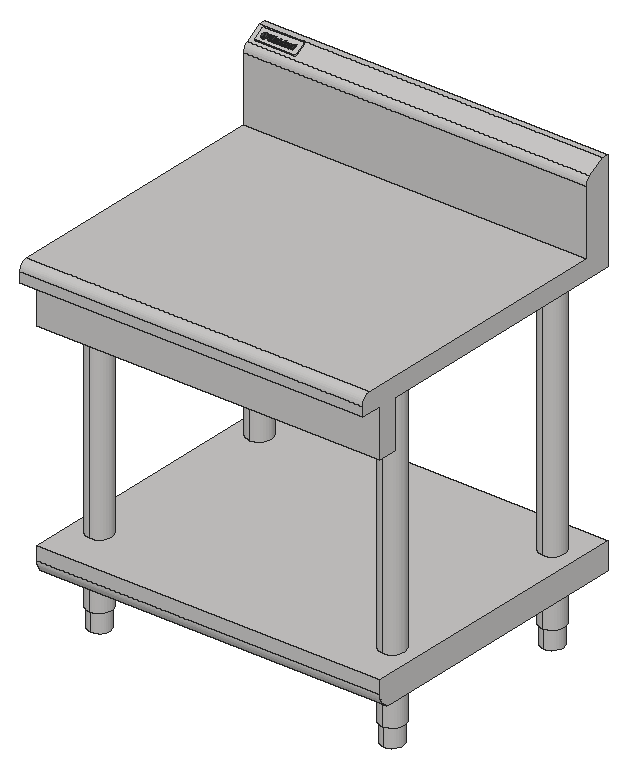
Revit family "QF_MOFFAT WALDORF_BT8900-LS", category Specialty Equipment, Revit 2012
Parameters
  Weight in Pounds = 154.3234  # constant formula
  Width [instance] = 900.00 mm  # constant formula
  URL Cutsheet = "www.moffat.com"
  URL = "www.moffat.com"
  Type Mark [instance] = ""
  Status [instance] = ""
  Specification by User [instance] = ""
  Specification by Manufacturer = ""
  Show Logo [instance] = yes
  Show Casters [instance] = no
  Serial Number = ""
  Seismic Rating = ""
  SMACNA No = ""
  Revision Code [instance] = ""
  Omniclass Number and Title = ""
  NAFEM Spec ID Number = ""
  Model = "BT8900-LS"
  Masterspec = ""
  Manufacturer = "MOFFAT WALDORF"
  Legs [instance] = not(Show Casters)  # yes
  Item Number [instance] = ""
  Installed By [instance] = ""
  Identify Quantity as Lot [instance] = yes
  Height = 1130.00 mm  # constant formula
  Furnished By [instance] = ""
  Foodservice Equipment Identifier [instance] = yes
  Description = "BENCH TOP ON LEG STAND"
  Depth [instance] = 805.00 mm  # constant formula
  CSI MasterFormat = ""
  CSI Master Format = ""
  Back Splash [instance] = 215.00 mm  # constant formula
Reference planes
  plane 1 "BACK": y = 0
  plane 2: z = 0
  plane 3 "LEFT": x = 0
  plane 4 "RIGHT": x = 900
  plane 5 "FRONT": y = -805
  plane 6 "TOP": z = 1130
  plane 7 "Center Y": x = 450
  plane 8 "Center X": y = -402.5
  plane 9 "Base Height": z = 150
  plane 10: z = 915
  plane 11: x = 65
  plane 12: x = 834
  plane 13: y = -625
  plane 14: y = -100
Forms (mm)
  Extrusion 1, solid, material "QF_Finishes_Stainless Steel"
    sketch origin (0, 0, 0) x (0, 1, 0) y (0, 0, 1)
      loop
        line (0, 222.5) -> (-749, 222.5) -> (-749, 188)
        arc (-749, 188) -> (-737.87, 161.13) -> (-711, 150) r 38
        line (-711, 150) -> (0, 150) -> (0, 222.5)
      loop
        line (-805, 891) -> (-805, 866) -> (-749, 866) -> (-749, 740) -> (-699, 740) -> (-699, 866) -> (0, 866) -> (0, 1130) -> (-16.5, 1130) -> (-58, 1106.04)
        arc (-58, 1106.04) -> (-66.785, 1097.255) -> (-70, 1085.255) r 24
        line (-70, 1085.255) -> (-70, 915) -> (-781, 915)
        arc (-781, 915) -> (-797.971, 907.971) -> (-805, 891) r 24
    from 0 to 900
  Extrusion 2, solid, material "QF_Finishes_Stainless Steel"
    sketch origin (0, -699, 222.5) x (0, -1, 0) y (1, 0, 0)
      loop
        circle (-599, 65) r 31.75
      loop
        circle (-599, 834) r 31.75
      loop
        circle (-74, 65) r 31.75
      loop
        circle (-74, 834) r 31.75
    from 0 to 643.5
  Revolve 3, solid, material "QF_Finishes_Stainless Steel", visible <- "Legs"
    sketch origin (834, -210, 0) x (0, 1, 0) y (0, 0, -1)
      loop
        line (78.25, -150) -> (110, -150) -> (110, 0) -> (82.5, 0) -> (82.5, -50) -> (78.25, -50) -> (78.25, -150)
      axis (110, -150) -> (110, 0)
    angle from 0 to 360
  Revolve 4, solid, material "QF_Finishes_Stainless Steel"
    sketch origin (834, -735, 0) x (0, 1, 0) y (0, 0, -1)
      loop
        line (78.25, -150) -> (110, -150) -> (110, 0) -> (82.5, 0) -> (82.5, -50) -> (78.25, -50) -> (78.25, -150)
      axis (110, -150) -> (110, 0)
    angle from 0 to 360
  Revolve 5, solid, material "QF_Finishes_Stainless Steel", visible <- "Legs"
    sketch origin (65, -210, 0) x (0, 1, 0) y (0, 0, -1)
      loop
        line (78.25, -150) -> (110, -150) -> (110, 0) -> (82.5, 0) -> (82.5, -50) -> (78.25, -50) -> (78.25, -150)
      axis (110, -150) -> (110, 0)
    angle from 0 to 360
  Revolve 6, solid, material "QF_Finishes_Stainless Steel"
    sketch origin (65, -735, 0) x (0, 1, 0) y (0, 0, -1)
      loop
        line (78.25, -150) -> (110, -150) -> (110, 0) -> (82.5, 0) -> (82.5, -50) -> (78.25, -50) -> (78.25, -150)
      axis (110, -150) -> (110, 0)
    angle from 0 to 360
Lines and regions (mm)
  Split face 1
    outline origin (0, -16.5, 1130) x (0, -0.866025, -0.5) y (1, 0, 0)
      loop
        line (1.962, 129.583) -> (34.599, 129.583) -> (34.599, 149.583) -> (1.962, 149.583) -> (1.962, 129.583)
  Split face 2
    outline origin (0, -16.5, 1130) x (0, -0.866025, -0.5) y (1, 0, 0)
      loop
        line (34.599, 156.5) -> (34.599, 176.5) -> (1.962, 176.5) -> (1.962, 156.5) -> (34.599, 156.5)
  Split face 3
    outline origin (0, -16.5, 1130) x (0, -0.866025, -0.5) y (1, 0, 0)
      loop
        line (34.599, 203.5) -> (1.962, 203.5) -> (1.962, 183.5) -> (34.599, 183.5) -> (34.599, 203.5)
  Split face 4
    outline origin (0, -16.5, 1130) x (0, -0.866025, -0.5) y (1, 0, 0)
      loop
        line (34.599, 230.5) -> (1.962, 230.5) -> (1.962, 210.5) -> (34.599, 210.5) -> (34.599, 230.5)
  Split face 5
    outline origin (0, -16.5, 1130) x (0, -0.866025, -0.5) y (1, 0, 0)
      loop
        line (34.599, 257.5) -> (1.962, 257.5) -> (1.962, 237.5) -> (34.599, 237.5) -> (34.599, 257.5)
  Split face 6
    outline origin (0, -16.5, 1130) x (0, -0.866025, -0.5) y (1, 0, 0)
      loop
        line (34.599, 264.5) -> (34.599, 284.5) -> (1.962, 284.5) -> (1.962, 264.5) -> (34.599, 264.5)
  Split face 7
    outline origin (0, -16.5, 1130) x (0, -0.866025, -0.5) y (1, 0, 0)
      loop
        line (34.599, 311.5) -> (1.962, 311.5) -> (1.962, 291.5) -> (34.599, 291.5) -> (34.599, 311.5)
  Split face 8
    outline origin (0, -16.5, 1130) x (0, -0.866025, -0.5) y (1, 0, 0)
      loop
        line (1.962, 338.5) -> (1.962, 318.5) -> (34.599, 318.5) -> (34.599, 338.5) -> (1.962, 338.5)
  Split face 9
    outline origin (0, -16.5, 1130) x (0, -0.866025, -0.5) y (1, 0, 0)
      loop
        line (1.962, 345.5) -> (34.599, 345.5) -> (34.599, 365.5) -> (1.962, 365.5) -> (1.962, 345.5)
  Split face 10
    outline origin (0, -16.5, 1130) x (0, -0.866025, -0.5) y (1, 0, 0)
      loop
        line (34.599, 372.5) -> (34.599, 392.5) -> (1.962, 392.5) -> (1.962, 372.5) -> (34.599, 372.5)
  Split face 11
    outline origin (0, -16.5, 1130) x (0, -0.866025, -0.5) y (1, 0, 0)
      loop
        line (34.599, 399.5) -> (34.599, 419.5) -> (1.962, 419.5) -> (1.962, 399.5) -> (34.599, 399.5)
  Split face 12
    outline origin (0, -16.5, 1130) x (0, -0.866025, -0.5) y (1, 0, 0)
      loop
        line (34.599, 426.5) -> (34.599, 446.5) -> (1.962, 446.5) -> (1.962, 426.5) -> (34.599, 426.5)
  Split face 13
    outline origin (0, -16.5, 1130) x (0, -0.866025, -0.5) y (1, 0, 0)
      loop
        line (1.962, 453.5) -> (34.599, 453.5) -> (34.599, 473.5) -> (1.962, 473.5) -> (1.962, 453.5)
  Split face 14
    outline origin (0, -16.5, 1130) x (0, -0.866025, -0.5) y (1, 0, 0)
      loop
        line (1.962, 500.5) -> (1.962, 480.5) -> (34.599, 480.5) -> (34.599, 500.5) -> (1.962, 500.5)
  Split face 15
    outline origin (0, -16.5, 1130) x (0, -0.866025, -0.5) y (1, 0, 0)
      loop
        line (34.599, 527.5) -> (1.962, 527.5) -> (1.962, 507.5) -> (34.599, 507.5) -> (34.599, 527.5)
  Split face 16
    outline origin (0, -16.5, 1130) x (0, -0.866025, -0.5) y (1, 0, 0)
      loop
        line (34.599, 534.5) -> (34.599, 554.5) -> (1.962, 554.5) -> (1.962, 534.5) -> (34.599, 534.5)
  Split face 17
    outline origin (0, -16.5, 1130) x (0, -0.866025, -0.5) y (1, 0, 0)
      loop
        line (34.599, 581.5) -> (1.962, 581.5) -> (1.962, 561.5) -> (34.599, 561.5) -> (34.599, 581.5)
  Split face 18
    outline origin (0, -16.5, 1130) x (0, -0.866025, -0.5) y (1, 0, 0)
      loop
        line (34.599, 588.5) -> (34.599, 608.5) -> (1.962, 608.5) -> (1.962, 588.5) -> (34.599, 588.5)
  Split face 19
    outline origin (0, -16.5, 1130) x (0, -0.866025, -0.5) y (1, 0, 0)
      loop
        line (34.599, 615.5) -> (34.599, 635.5) -> (1.962, 635.5) -> (1.962, 615.5) -> (34.599, 615.5)
  Split face 20
    outline origin (0, -16.5, 1130) x (0, -0.866025, -0.5) y (1, 0, 0)
      loop
        line (34.599, 662.5) -> (1.962, 662.5) -> (1.962, 642.5) -> (34.599, 642.5) -> (34.599, 662.5)
  Split face 21
    outline origin (0, -16.5, 1130) x (0, -0.866025, -0.5) y (1, 0, 0)
      loop
        line (34.599, 669.5) -> (34.599, 689.5) -> (1.962, 689.5) -> (1.962, 669.5) -> (34.599, 669.5)
  Split face 22
    outline origin (0, -16.5, 1130) x (0, -0.866025, -0.5) y (1, 0, 0)
      loop
        line (34.599, 696.5) -> (34.599, 716.5) -> (1.962, 716.5) -> (1.962, 696.5) -> (34.599, 696.5)
  Split face 23
    outline origin (0, -16.5, 1130) x (0, -0.866025, -0.5) y (1, 0, 0)
      loop
        line (34.599, 743.5) -> (1.962, 743.5) -> (1.962, 723.5) -> (34.599, 723.5) -> (34.599, 743.5)
  Split face 24
    outline origin (0, -16.5, 1130) x (0, -0.866025, -0.5) y (1, 0, 0)
      loop
        line (1.962, 750.5) -> (34.599, 750.5) -> (34.599, 770.5) -> (1.962, 770.5) -> (1.962, 750.5)
  symbolic lines
    curve 1: line (0, 0, 0) -> (0, -805, 0)
    curve 2: line (900, 0, 0) -> (0, 0, 0)
    curve 3: line (900, -805, 0) -> (900, 0, 0)
    curve 4: line (0, -70, 0) -> (900, -70, 0)
    curve 5: line (0, -805, 0) -> (900, -805, 0)
    curve 6: line (129.583, -21.949, 0) -> (129.583, -50.213, 0)
    curve 7: line (129.583, -50.213, 0) -> (149.583, -50.213, 0)
    curve 8: line (149.583, -50.213, 0) -> (149.583, -21.949, 0)
    curve 9: line (149.583, -21.949, 0) -> (129.583, -21.949, 0)
    curve 10: line (156.5, -21.949, 0) -> (156.5, -50.213, 0)
    curve 11: line (156.5, -50.213, 0) -> (176.5, -50.213, 0)
    curve 12: line (176.5, -50.213, 0) -> (176.5, -21.949, 0)
    curve 13: line (176.5, -21.949, 0) -> (156.5, -21.949, 0)
    curve 14: line (183.5, -21.949, 0) -> (183.5, -50.213, 0)
    curve 15: line (183.5, -50.213, 0) -> (203.5, -50.213, 0)
    curve 16: line (203.5, -50.213, 0) -> (203.5, -21.949, 0)
    curve 17: line (203.5, -21.949, 0) -> (183.5, -21.949, 0)
    curve 18: line (210.5, -21.949, 0) -> (210.5, -50.213, 0)
    curve 19: line (210.5, -50.213, 0) -> (230.5, -50.213, 0)
    curve 20: line (230.5, -50.213, 0) -> (230.5, -21.949, 0)
    curve 21: line (230.5, -21.949, 0) -> (210.5, -21.949, 0)
    curve 22: line (237.5, -21.949, 0) -> (237.5, -50.213, 0)
    curve 23: line (237.5, -50.213, 0) -> (257.5, -50.213, 0)
    curve 24: line (257.5, -50.213, 0) -> (257.5, -21.949, 0)
    curve 25: line (257.5, -21.949, 0) -> (237.5, -21.949, 0)
    curve 26: line (264.5, -21.949, 0) -> (264.5, -50.213, 0)
    curve 27: line (264.5, -50.213, 0) -> (284.5, -50.213, 0)
    curve 28: line (284.5, -50.213, 0) -> (284.5, -21.949, 0)
    curve 29: line (284.5, -21.949, 0) -> (264.5, -21.949, 0)
    curve 30: line (291.5, -21.949, 0) -> (291.5, -50.213, 0)
    curve 31: line (291.5, -50.213, 0) -> (311.5, -50.213, 0)
    curve 32: line (311.5, -50.213, 0) -> (311.5, -21.949, 0)
    curve 33: line (311.5, -21.949, 0) -> (291.5, -21.949, 0)
    curve 34: line (318.5, -21.949, 0) -> (318.5, -50.213, 0)
    curve 35: line (318.5, -50.213, 0) -> (338.5, -50.213, 0)
    curve 36: line (338.5, -50.213, 0) -> (338.5, -21.949, 0)
    curve 37: line (338.5, -21.949, 0) -> (318.5, -21.949, 0)
    curve 38: line (345.5, -21.949, 0) -> (345.5, -50.213, 0)
    curve 39: line (345.5, -50.213, 0) -> (365.5, -50.213, 0)
    curve 40: line (365.5, -50.213, 0) -> (365.5, -21.949, 0)
    curve 41: line (365.5, -21.949, 0) -> (345.5, -21.949, 0)
    curve 42: line (372.5, -21.949, 0) -> (372.5, -50.213, 0)
    curve 43: line (372.5, -50.213, 0) -> (392.5, -50.213, 0)
    curve 44: line (392.5, -50.213, 0) -> (392.5, -21.949, 0)
    curve 45: line (392.5, -21.949, 0) -> (372.5, -21.949, 0)
    curve 46: line (399.5, -21.949, 0) -> (399.5, -50.213, 0)
    curve 47: line (399.5, -50.213, 0) -> (419.5, -50.213, 0)
    curve 48: line (419.5, -50.213, 0) -> (419.5, -21.949, 0)
    curve 49: line (419.5, -21.949, 0) -> (399.5, -21.949, 0)
    curve 50: line (426.5, -21.949, 0) -> (426.5, -50.213, 0)
    curve 51: line (426.5, -50.213, 0) -> (446.5, -50.213, 0)
    curve 52: line (446.5, -50.213, 0) -> (446.5, -21.949, 0)
    curve 53: line (446.5, -21.949, 0) -> (426.5, -21.949, 0)
    curve 54: line (453.5, -21.949, 0) -> (453.5, -50.213, 0)
    curve 55: line (453.5, -50.213, 0) -> (473.5, -50.213, 0)
    curve 56: line (473.5, -50.213, 0) -> (473.5, -21.949, 0)
    curve 57: line (473.5, -21.949, 0) -> (453.5, -21.949, 0)
    curve 58: line (480.5, -21.949, 0) -> (480.5, -50.213, 0)
    curve 59: line (480.5, -50.213, 0) -> (500.5, -50.213, 0)
    curve 60: line (500.5, -50.213, 0) -> (500.5, -21.949, 0)
    curve 61: line (500.5, -21.949, 0) -> (480.5, -21.949, 0)
    curve 62: line (507.5, -21.949, 0) -> (507.5, -50.213, 0)
    curve 63: line (507.5, -50.213, 0) -> (527.5, -50.213, 0)
    curve 64: line (527.5, -50.213, 0) -> (527.5, -21.949, 0)
    curve 65: line (527.5, -21.949, 0) -> (507.5, -21.949, 0)
    curve 66: line (534.5, -21.949, 0) -> (534.5, -50.213, 0)
    curve 67: line (534.5, -50.213, 0) -> (554.5, -50.213, 0)
    curve 68: line (554.5, -50.213, 0) -> (554.5, -21.949, 0)
    curve 69: line (554.5, -21.949, 0) -> (534.5, -21.949, 0)
    curve 70: line (561.5, -21.949, 0) -> (561.5, -50.213, 0)
    curve 71: line (561.5, -50.213, 0) -> (581.5, -50.213, 0)
    curve 72: line (581.5, -50.213, 0) -> (581.5, -21.949, 0)
    curve 73: line (581.5, -21.949, 0) -> (561.5, -21.949, 0)
    curve 74: line (588.5, -21.949, 0) -> (588.5, -50.213, 0)
    curve 75: line (588.5, -50.213, 0) -> (608.5, -50.213, 0)
    curve 76: line (608.5, -50.213, 0) -> (608.5, -21.949, 0)
    curve 77: line (608.5, -21.949, 0) -> (588.5, -21.949, 0)
    curve 78: line (615.5, -21.949, 0) -> (615.5, -50.213, 0)
    curve 79: line (615.5, -50.213, 0) -> (635.5, -50.213, 0)
    curve 80: line (635.5, -50.213, 0) -> (635.5, -21.949, 0)
    curve 81: line (635.5, -21.949, 0) -> (615.5, -21.949, 0)
    curve 82: line (642.5, -21.949, 0) -> (642.5, -50.213, 0)
    curve 83: line (642.5, -50.213, 0) -> (662.5, -50.213, 0)
    curve 84: line (662.5, -50.213, 0) -> (662.5, -21.949, 0)
    curve 85: line (662.5, -21.949, 0) -> (642.5, -21.949, 0)
    curve 86: line (669.5, -21.949, 0) -> (669.5, -50.213, 0)
    curve 87: line (669.5, -50.213, 0) -> (689.5, -50.213, 0)
    curve 88: line (689.5, -50.213, 0) -> (689.5, -21.949, 0)
    curve 89: line (689.5, -21.949, 0) -> (669.5, -21.949, 0)
    curve 90: line (696.5, -21.949, 0) -> (696.5, -50.213, 0)
    curve 91: line (696.5, -50.213, 0) -> (716.5, -50.213, 0)
    curve 92: line (716.5, -50.213, 0) -> (716.5, -21.949, 0)
    curve 93: line (716.5, -21.949, 0) -> (696.5, -21.949, 0)
    curve 94: line (723.5, -21.949, 0) -> (723.5, -50.213, 0)
    curve 95: line (723.5, -50.213, 0) -> (743.5, -50.213, 0)
    curve 96: line (743.5, -50.213, 0) -> (743.5, -21.949, 0)
    curve 97: line (743.5, -21.949, 0) -> (723.5, -21.949, 0)
    curve 98: line (750.5, -21.949, 0) -> (750.5, -50.213, 0)
    curve 99: line (750.5, -50.213, 0) -> (770.5, -50.213, 0)
    curve 100: line (770.5, -50.213, 0) -> (770.5, -21.949, 0)
    curve 101: line (770.5, -21.949, 0) -> (750.5, -21.949, 0)
    curve 102: line (121.5, -20.958, 0) -> (121.5, -51.234, 0)
    curve 103: line (12.5, -51.234, 0) -> (12.5, -20.958, 0)
    curve 104: line (12.5, -20.958, 0) -> (121.5, -20.958, 0)
    curve 105: line (12.5, -51.234, 0) -> (121.5, -51.234, 0)
Dimensions and locks
  equal spacing: plane 3 "LEFT", plane 7 "Center Y", plane 4 "RIGHT"
  "Width": plane 3 "LEFT" to plane 4 "RIGHT"
  equal spacing: plane 5 "FRONT", plane 8 "Center X", plane 1 "BACK"
  "Depth": plane 5 "FRONT" to plane 1 "BACK"
  locked: plane 10 to level at 915
  locked: plane 9 "Base Height" to level at 150
  plane 6 "TOP" to nested 1 to nested 1 to plane 10 = 1.099 mm locked, 17.226 mm locked, 196.675 mm
  plane 13 to plane 14 = 525.00 mm
  plane 12 to plane 11 = 769.00 mm
  "Height": plane 6 "TOP" to level
  aligned and locked: level to plane 2
Automatic sketch dimensions
  Extrusion 1 sketch curve to plane 5 "FRONT" = 0.00 mm
  Extrusion 1 sketch curve to plane 10 = 0.00 mm
  Extrusion 1 sketch curve to plane 9 "Base Height" = 0.00 mm
  Extrusion 1 sketch curve to plane 6 "TOP" = 0.00 mm
  Extrusion 1 sketch curve to plane 1 "BACK" = 0.00 mm  (x2)
  Extrusion 1 sketch curve to plane 5 "FRONT" = 24.00 mm
  Extrusion 1 sketch curve to Extrusion 1 sketch curve = 32.00 mm
  Extrusion 1 sketch curve to plane 5 "FRONT" = 56.00 mm
  Extrusion 1 sketch curve to Extrusion 1 sketch curve = 38.00 mm
  Extrusion 1 sketch curve to Extrusion 1 sketch curve = 50.00 mm
  plane 14 to Extrusion 1 sketch curve = 30.00 mm
  Extrusion 1 sketch curve to plane 6 "TOP" = 23.96 mm
  Extrusion 1 sketch curve to Extrusion 1 sketch curve = 12.00 mm  (x2)
  Extrusion 1 sketch curve to Extrusion 1 sketch curve = 16.50 mm
  Extrusion 1 sketch curve to Extrusion 1 sketch curve = 34.50 mm
  Extrusion 1 sketch curve to Extrusion 1 sketch curve = 151.00 mm
  Extrusion 1 sketch curve to Extrusion 1 sketch curve = 25.00 mm
  Extrusion 1 sketch curve to plane 10 = 49.00 mm
  Extrusion 2 sketch curve to Extrusion 2 sketch curve = 0.00 mm  (x8)
  Extrusion 1 to Extrusion 2 sketch curve = 68.25 mm  (x2)
  Extrusion 2 sketch curve to Extrusion 2 sketch curve = 31.75 mm  (x4)
  Extrusion 1 to Extrusion 2 sketch curve = 155.75 mm  (x2)
  Extrusion 1 to Extrusion 2 sketch curve = 65.00 mm  (x2)
  Extrusion 1 to Extrusion 2 sketch curve = 66.00 mm  (x2)
  Revolve 3 sketch curve to plane 9 "Base Height" = 0.00 mm
  Revolve 3 sketch curve to level = 0.00 mm
  Revolve 3 sketch curve to plane 14 = 0.00 mm  (x2)
  Revolve 3 sketch curve to plane 14 = 27.50 mm
  Revolve 3 sketch curve to plane 14 = 31.75 mm
  level to Revolve 3 sketch curve = 50.00 mm
  Revolve 3 sketch curve to Revolve 3 sketch curve = 0.00 mm
  Revolve 3 sketch curve to Revolve 3 sketch curve = 55.00 mm
  Revolve 4 sketch curve to plane 9 "Base Height" = 0.00 mm
  Revolve 4 sketch curve to level = 0.00 mm
  Revolve 4 sketch curve to plane 13 = 0.00 mm  (x2)
  Revolve 4 sketch curve to plane 13 = 27.50 mm
  Revolve 4 sketch curve to plane 13 = 31.75 mm
  level to Revolve 4 sketch curve = 50.00 mm
  Revolve 4 sketch curve to Revolve 4 sketch curve = 0.00 mm
  Revolve 4 sketch curve to Revolve 4 sketch curve = 55.00 mm
  Revolve 5 sketch curve to plane 9 "Base Height" = 0.00 mm
  Revolve 5 sketch curve to level = 0.00 mm
  Revolve 5 sketch curve to plane 14 = 0.00 mm  (x2)
  Revolve 5 sketch curve to plane 14 = 27.50 mm
  Revolve 5 sketch curve to plane 14 = 31.75 mm
  level to Revolve 5 sketch curve = 50.00 mm
  Revolve 5 sketch curve to Revolve 5 sketch curve = 0.00 mm
  Revolve 5 sketch curve to Revolve 5 sketch curve = 55.00 mm
  Revolve 6 sketch curve to plane 9 "Base Height" = 0.00 mm
  Revolve 6 sketch curve to level = 0.00 mm
  Revolve 6 sketch curve to plane 13 = 0.00 mm  (x2)
  Revolve 6 sketch curve to plane 13 = 27.50 mm
  Revolve 6 sketch curve to plane 13 = 31.75 mm
  level to Revolve 6 sketch curve = 50.00 mm
  Revolve 6 sketch curve to Revolve 6 sketch curve = 0.00 mm
  Revolve 6 sketch curve to Revolve 6 sketch curve = 55.00 mm
  Extrusion 1 to Split face 1 sketch curve = 1.962 mm
  Split face 1 sketch curve to Extrusion 1 = 13.322 mm
  Split face 1 sketch curve to Extrusion 1 = 129.583 mm
  Split face 1 sketch curve to Split face 1 sketch curve = 20.00 mm
  Extrusion 1 to Split face 2 sketch curve = 1.962 mm
  Split face 2 sketch curve to Extrusion 1 = 13.322 mm
  Split face 2 sketch curve to Extrusion 1 = 156.50 mm
  Split face 2 sketch curve to Split face 2 sketch curve = 20.00 mm
  Extrusion 1 to Split face 3 sketch curve = 1.962 mm
  Split face 3 sketch curve to Extrusion 1 = 13.322 mm
  Split face 3 sketch curve to Extrusion 1 = 183.50 mm
  Split face 3 sketch curve to Split face 3 sketch curve = 20.00 mm
  Extrusion 1 to Split face 4 sketch curve = 1.962 mm
  Split face 4 sketch curve to Extrusion 1 = 13.322 mm
  Split face 4 sketch curve to Extrusion 1 = 210.50 mm
  Split face 4 sketch curve to Split face 4 sketch curve = 20.00 mm
  Extrusion 1 to Split face 5 sketch curve = 1.962 mm
  Split face 5 sketch curve to Extrusion 1 = 13.322 mm
  Split face 5 sketch curve to Extrusion 1 = 237.50 mm
  Split face 5 sketch curve to Split face 5 sketch curve = 20.00 mm
  Extrusion 1 to Split face 6 sketch curve = 1.962 mm
  Split face 6 sketch curve to Extrusion 1 = 13.322 mm
  Split face 6 sketch curve to Extrusion 1 = 264.50 mm
  Split face 6 sketch curve to Split face 6 sketch curve = 20.00 mm
  Extrusion 1 to Split face 7 sketch curve = 1.962 mm
  Split face 7 sketch curve to Extrusion 1 = 13.322 mm
  Split face 7 sketch curve to Extrusion 1 = 291.50 mm
  Split face 7 sketch curve to Split face 7 sketch curve = 20.00 mm
  Extrusion 1 to Split face 8 sketch curve = 1.962 mm
  Split face 8 sketch curve to Extrusion 1 = 13.322 mm
  Split face 8 sketch curve to Extrusion 1 = 318.50 mm
  Split face 8 sketch curve to Split face 8 sketch curve = 20.00 mm
  Extrusion 1 to Split face 9 sketch curve = 1.962 mm
  Split face 9 sketch curve to Extrusion 1 = 13.322 mm
  Split face 9 sketch curve to Extrusion 1 = 345.50 mm
  Split face 9 sketch curve to Split face 9 sketch curve = 20.00 mm
  Extrusion 1 to Split face 10 sketch curve = 1.962 mm
  Split face 10 sketch curve to Extrusion 1 = 13.322 mm
  Split face 10 sketch curve to Extrusion 1 = 372.50 mm
  Split face 10 sketch curve to Split face 10 sketch curve = 20.00 mm
  Extrusion 1 to Split face 11 sketch curve = 1.962 mm
  Split face 11 sketch curve to Extrusion 1 = 13.322 mm
  Split face 11 sketch curve to Extrusion 1 = 399.50 mm
  Split face 11 sketch curve to Split face 11 sketch curve = 20.00 mm
  Extrusion 1 to Split face 12 sketch curve = 1.962 mm
  Split face 12 sketch curve to Extrusion 1 = 13.322 mm
  Split face 12 sketch curve to Extrusion 1 = 426.50 mm
  Split face 12 sketch curve to Split face 12 sketch curve = 20.00 mm
  Extrusion 1 to Split face 13 sketch curve = 1.962 mm
  Split face 13 sketch curve to Extrusion 1 = 13.322 mm
  Split face 13 sketch curve to Extrusion 1 = 453.50 mm
  Split face 13 sketch curve to Split face 13 sketch curve = 20.00 mm
  Extrusion 1 to Split face 14 sketch curve = 1.962 mm
  Split face 14 sketch curve to Extrusion 1 = 13.322 mm
  Split face 14 sketch curve to Extrusion 1 = 419.50 mm
  Split face 14 sketch curve to Split face 14 sketch curve = 20.00 mm
  Extrusion 1 to Split face 15 sketch curve = 1.962 mm
  Split face 15 sketch curve to Extrusion 1 = 13.322 mm
  Split face 15 sketch curve to Extrusion 1 = 392.50 mm
  Split face 15 sketch curve to Split face 15 sketch curve = 20.00 mm
  Extrusion 1 to Split face 16 sketch curve = 1.962 mm
  Split face 16 sketch curve to Extrusion 1 = 13.322 mm
  Split face 16 sketch curve to Extrusion 1 = 365.50 mm
  Split face 16 sketch curve to Split face 16 sketch curve = 20.00 mm
  Extrusion 1 to Split face 17 sketch curve = 1.962 mm
  Split face 17 sketch curve to Extrusion 1 = 13.322 mm
  Split face 17 sketch curve to Extrusion 1 = 338.50 mm
  Split face 17 sketch curve to Split face 17 sketch curve = 20.00 mm
  Extrusion 1 to Split face 18 sketch curve = 1.962 mm
  Split face 18 sketch curve to Extrusion 1 = 13.322 mm
  Split face 18 sketch curve to Extrusion 1 = 311.50 mm
  Split face 18 sketch curve to Split face 18 sketch curve = 20.00 mm
  Extrusion 1 to Split face 19 sketch curve = 1.962 mm
  Split face 19 sketch curve to Extrusion 1 = 13.322 mm
  Split face 19 sketch curve to Extrusion 1 = 284.50 mm
  Split face 19 sketch curve to Split face 19 sketch curve = 20.00 mm
  Extrusion 1 to Split face 20 sketch curve = 1.962 mm
  Split face 20 sketch curve to Extrusion 1 = 13.322 mm
  Split face 20 sketch curve to Extrusion 1 = 257.50 mm
  Split face 20 sketch curve to Split face 20 sketch curve = 20.00 mm
  Extrusion 1 to Split face 21 sketch curve = 1.962 mm
  Split face 21 sketch curve to Extrusion 1 = 13.322 mm
  Split face 21 sketch curve to Extrusion 1 = 230.50 mm
  Split face 21 sketch curve to Split face 21 sketch curve = 20.00 mm
  Extrusion 1 to Split face 22 sketch curve = 1.962 mm
  Split face 22 sketch curve to Extrusion 1 = 13.322 mm
  Split face 22 sketch curve to Extrusion 1 = 203.50 mm
  Split face 22 sketch curve to Split face 22 sketch curve = 20.00 mm
  Extrusion 1 to Split face 23 sketch curve = 1.962 mm
  Split face 23 sketch curve to Extrusion 1 = 13.322 mm
  Split face 23 sketch curve to Extrusion 1 = 176.50 mm
  Split face 23 sketch curve to Split face 23 sketch curve = 20.00 mm
  Extrusion 1 to Split face 24 sketch curve = 1.962 mm
  Split face 24 sketch curve to Extrusion 1 = 13.322 mm
  Split face 24 sketch curve to Extrusion 1 = 149.50 mm
  Split face 24 sketch curve to Split face 24 sketch curve = 20.00 mm
  curve 1 to plane 3 "LEFT" = 0.00 mm
  plane 1 "BACK" to curve 3 = 0.00 mm
  curve 3 to plane 4 "RIGHT" = 0.00 mm
  plane 5 "FRONT" to curve 1 = 0.00 mm
  plane 3 "LEFT" to curve 104 = 12.50 mm
  plane 1 "BACK" to curve 104 = 20.958 mm
  plane 11 to curve 104 = 56.50 mm
  curve 102 to curve 6 = 8.083 mm
  curve 6 to curve 9 = 20.00 mm
  curve 7 to curve 11 = 6.917 mm
  curve 10 to curve 13 = 20.00 mm
  curve 11 to curve 15 = 7.00 mm
  curve 14 to curve 17 = 20.00 mm
  curve 15 to curve 19 = 7.00 mm
  curve 18 to curve 19 = 20.00 mm
  curve 20 to curve 22 = 7.00 mm
  curve 22 to curve 25 = 20.00 mm
  curve 23 to curve 26 = 7.00 mm
  curve 26 to curve 29 = 20.00 mm
  curve 28 to curve 30 = 7.00 mm
  curve 30 to curve 33 = 20.00 mm
  curve 31 to curve 35 = 7.00 mm
  curve 34 to curve 37 = 20.00 mm
  curve 36 to curve 38 = 7.00 mm
  curve 38 to curve 40 = 20.00 mm
  curve 39 to curve 43 = 7.00 mm
  curve 42 to curve 45 = 20.00 mm
  curve 44 to curve 46 = 7.00 mm
  curve 46 to curve 48 = 20.00 mm
  curve 47 to curve 51 = 7.00 mm
  curve 53 to plane 7 "Center Y" = 3.50 mm
  plane 7 "Center Y" to curve 55 = 3.50 mm
  curve 54 to curve 57 = 20.00 mm
  curve 55 to curve 59 = 7.00 mm
  curve 58 to curve 61 = 20.00 mm
  curve 59 to curve 63 = 7.00 mm
  curve 62 to curve 65 = 20.00 mm
  curve 63 to curve 67 = 7.00 mm
  curve 66 to curve 68 = 20.00 mm
  curve 67 to curve 70 = 7.00 mm
  curve 70 to curve 73 = 20.00 mm
  curve 71 to curve 75 = 7.00 mm
  curve 74 to curve 77 = 20.00 mm
  curve 75 to curve 78 = 7.00 mm
  curve 78 to curve 81 = 20.00 mm
  curve 79 to curve 83 = 7.00 mm
  curve 82 to curve 85 = 20.00 mm
  curve 83 to curve 87 = 7.00 mm
  curve 86 to curve 89 = 20.00 mm
  curve 87 to curve 91 = 7.00 mm
  curve 90 to curve 92 = 20.00 mm
  curve 92 to curve 94 = 7.00 mm
  curve 94 to curve 97 = 20.00 mm
  curve 96 to curve 98 = 7.00 mm
  curve 98 to curve 101 = 20.00 mm
  plane 14 to curve 4 = 30.00 mm
  curve 4 to curve 103 = 18.766 mm
  curve 105 to curve 6 = 1.021 mm
  plane 1 "BACK" to curve 55 = 50.213 mm
  plane 1 "BACK" to curve 100 = 50.213 mm
  curve 7 to curve 10 = 0.00 mm
  curve 96 to curve 98 = 0.00 mm  (x2)
  curve 11 to curve 14 = 0.00 mm
  curve 92 to curve 94 = 0.00 mm  (x2)
  curve 15 to curve 18 = 0.00 mm
  curve 88 to curve 90 = 0.00 mm  (x2)
  curve 19 to curve 22 = 0.00 mm
  curve 84 to curve 86 = 0.00 mm  (x2)
  curve 23 to curve 26 = 0.00 mm
  curve 80 to curve 82 = 0.00 mm  (x2)
  curve 27 to curve 30 = 0.00 mm
  curve 76 to curve 78 = 0.00 mm  (x2)
  curve 31 to curve 34 = 0.00 mm
  curve 72 to curve 74 = 0.00 mm  (x2)
  curve 35 to curve 38 = 0.00 mm
  curve 68 to curve 70 = 0.00 mm  (x2)
  curve 39 to curve 42 = 0.00 mm
  curve 64 to curve 66 = 0.00 mm  (x2)
  curve 43 to curve 46 = 0.00 mm
  curve 60 to curve 62 = 0.00 mm  (x2)
  curve 47 to curve 50 = 0.00 mm
  plane 1 "BACK" to curve 54 = 21.949 mm
  curve 56 to curve 58 = 0.00 mm
  plane 1 "BACK" to curve 53 = 21.949 mm
  plane 1 "BACK" to curve 49 = 21.949 mm
  plane 1 "BACK" to curve 45 = 21.949 mm
  plane 1 "BACK" to curve 41 = 21.949 mm
  plane 1 "BACK" to curve 37 = 21.949 mm
  plane 1 "BACK" to curve 33 = 21.949 mm
  plane 1 "BACK" to curve 29 = 21.949 mm
  plane 1 "BACK" to curve 25 = 21.949 mm
  plane 1 "BACK" to curve 21 = 21.949 mm
  plane 1 "BACK" to curve 17 = 21.949 mm
  plane 1 "BACK" to curve 13 = 21.949 mm
  curve 9 to curve 102 = 0.992 mm
Nested families
  nested 1: "WALDORF-LOGO" at (12.5, -35.273, 1102.604), visible <- "Show Logo", type "WALDORF-LOGO", detail levels medium+fine
    with Type Mark "", Status "", Specification by User "", Revision Code "", Item Number "", Installed By "", Identify Quantity as Lot yes, Furnished By "", Foodservice Equipment Identifier yes
  nested 2: "BT8900-LS-CASTERS" at (65, -100, 0), Show Casters <- "Show Casters", visible <- "Show Casters", type "BT8900-LS-CASTERS"
    with Type Mark "", Status "", Specification by User "", Show Casters no, Revision Code "", Item Number "", Installed By "", Identify Quantity as Lot yes, Furnished By "", Foodservice Equipment Identifier yes
  nested 3: "BT8900-LS-CASTERS" at (834.024, -100, 0), Show Casters <- "Show Casters", visible <- "Show Casters", type "BT8900-LS-CASTERS"
    with Type Mark "", Status "", Specification by User "", Show Casters no, Revision Code "", Item Number "", Installed By "", Identify Quantity as Lot yes, Furnished By "", Foodservice Equipment Identifier yes
Definition of nested family "WALDORF-LOGO"
  Parameters (values of type "BT8300-CB-LOGO")
    Weight in Pounds = 0
    URL Cutsheet = ""
    Type Mark [instance] = ""
    Status [instance] = ""
    Specification by User [instance] = ""
    Specification by Manufacturer = ""
    Show Logo [instance] = yes
    Serial Number = ""
    Seismic Rating = ""
    SMACNA No = ""
    Revision Code [instance] = ""
    Omniclass Number and Title = ""
    NAFEM Spec ID Number = ""
    Masterspec = ""
    Item Number [instance] = ""
    Installed By [instance] = ""
    Identify Quantity as Lot [instance] = yes
    Furnished By [instance] = ""
    Foodservice Equipment Identifier [instance] = yes
    CSI MasterFormat = ""
    CSI Master Format = ""
  Reference planes
    plane 1 "BACK": y = 0
    plane 2: z = 0
    plane 3 "LEFT": x = 0
    plane 4 "RIGHT": x = 109
    plane 5 "FRONT": y = -1.588
    plane 6 "TOP": z = 34.14
    plane 7 "Center Y": x = 54.5
    plane 8 "Center X": y = -0.794
  Forms (mm)
    Extrusion 1, solid, material "QF_Finishes_Stainless Steel", visible <- "Show Logo"
      sketch origin (0, -15.16, 7.701) x (1, 0, 0) y (0, 0.863373, 0.504566)
        loop
          arc (5, 34.14) -> (1.464, 32.676) -> (0, 29.14) r 5
          line (0, 29.14) -> (0, 5)
          arc (0, 5) -> (1.464, 1.464) -> (5, 0) r 5
          line (5, 0) -> (104, 0)
          arc (104, 0) -> (107.536, 1.464) -> (109, 5) r 5
          line (109, 5) -> (109, 29.14)
          arc (109, 29.14) -> (107.536, 32.676) -> (104, 34.14) r 5
          line (104, 34.14) -> (5, 34.14)
      from 0 to 1.588
    Extrusion 2, solid, material "QF_Finishes_Black", visible <- "Show Logo"
      sketch origin (0, -15.961, 9.072) x (1, 0, 0) y (0, 0.863373, 0.504566)
        loop
          line (24.772, 23.214) -> (27.992, 10.301) -> (31.551, 10.301) -> (33.443, 17.364) -> (35.205, 10.301) -> (39.332, 10.301) -> (42.077, 23.214) -> (38.352, 23.214) -> (36.676, 15.33) -> (35, 23.214) -> (31.752, 23.214) -> (30.076, 15.33) -> (28.4, 23.214) -> (24.772, 23.214)
        loop
          line (42.272, 17.055) -> (45.703, 17.055)
          spline (45.703, 17.055) -> (45.741, 17.285) -> (45.852, 17.499) -> (46.028, 17.682) -> (46.258, 17.823) -> (46.526, 17.912) -> (46.813, 17.942) -> (47.1, 17.912) -> (47.368, 17.823) -> (47.597, 17.682) -> (47.774, 17.499) -> (47.884, 17.285) -> (47.922, 17.055)
          line (47.922, 17.055) -> (47.922, 16.222)
          arc (47.922, 16.222) -> (45.742, 16.014) -> (43.665, 15.317) r 9.604
          arc (43.665, 15.317) -> (41.924, 12.809) -> (43.665, 10.301) r 2.677
          arc (43.665, 10.301) -> (45.527, 10.353) -> (47.332, 10.816) r 8.365
          line (47.332, 10.816) -> (48.092, 11.105) -> (48.092, 10.301) -> (51.817, 10.301) -> (51.817, 17.055)
          spline (51.817, 17.055) -> (51.654, 17.821) -> (51.178, 18.535) -> (50.419, 19.148) -> (49.431, 19.619) -> (48.28, 19.914) -> (47.044, 20.015) -> (45.809, 19.914) -> (44.658, 19.619) -> (43.67, 19.148) -> (42.911, 18.535) -> (42.434, 17.821) -> (42.272, 17.055)
        loop
          line (53.151, 23.214) -> (53.151, 10.301) -> (57.37, 10.301) -> (57.37, 23.214) -> (53.151, 23.214)
        loop
          line (64.874, 23.214) -> (64.874, 18.857)
          arc (64.874, 18.857) -> (58.083, 15.11) -> (64.874, 11.363) r 4.429
          line (64.874, 11.363) -> (64.874, 10.301) -> (68.378, 10.301) -> (68.378, 23.214) -> (64.874, 23.214)
        loop
          arc (64.874, 16.083) -> (61.41, 14.987) -> (64.874, 13.891) r 1.905
          line (64.874, 13.891) -> (64.874, 16.083)
        loop
          circle (74.623, 15.223) r 5
        loop
          spline (74.623, 17.856) -> (74.355, 17.766) -> (74.105, 17.503) -> (73.891, 17.084) -> (73.726, 16.539) -> (73.623, 15.904) -> (73.588, 15.223) -> (73.623, 14.541) -> (73.726, 13.906) -> (73.891, 13.361) -> (74.105, 12.942) -> (74.355, 12.679) -> (74.623, 12.59)
          spline (74.623, 12.59) -> (74.891, 12.679) -> (75.141, 12.942) -> (75.355, 13.361) -> (75.52, 13.906) -> (75.623, 14.541) -> (75.659, 15.223) -> (75.623, 15.904) -> (75.52, 16.539) -> (75.355, 17.084) -> (75.141, 17.503) -> (74.891, 17.766) -> (74.623, 17.856)
        loop
          line (81.255, 19.813) -> (81.255, 10.301) -> (84.834, 10.301) -> (84.834, 14.176)
          arc (84.834, 14.176) -> (85.854, 16.093) -> (88.013, 16.32) r 2.313
          line (88.013, 16.32) -> (88.013, 19.813) -> (87.161, 19.813)
          arc (87.161, 19.813) -> (85.526, 19.266) -> (84.549, 17.844) r 2.717
          line (84.549, 17.844) -> (84.549, 19.813) -> (81.255, 19.813)
        loop
          line (90.249, 19.813) -> (88.91, 19.813) -> (88.91, 17.614) -> (90.249, 17.614) -> (90.249, 10.301) -> (93.998, 10.301) -> (93.998, 17.614) -> (95.418, 17.614) -> (95.418, 19.813) -> (93.998, 19.813)
          arc (93.998, 19.813) -> (94.414, 20.817) -> (95.418, 21.233) r 1.42
          line (95.418, 21.233) -> (95.418, 23.602) -> (93.317, 23.602)
          arc (93.317, 23.602) -> (91.343, 22.903) -> (90.249, 21.118) r 3.137
          line (90.249, 21.118) -> (90.249, 19.813)
        loop
          arc (15.241, 23.571) -> (8.392, 16.525) -> (15.241, 9.479) r 7.049
          line (15.241, 9.479) -> (15.241, 23.571)
        loop
          line (15.641, 23.571) -> (15.641, 9.479)
          arc (15.641, 9.479) -> (22.49, 16.525) -> (15.641, 23.571) r 7.049
        loop
          arc (47.922, 14.711) -> (46.266, 13.749) -> (47.922, 12.787) r 1.107
          line (47.922, 12.787) -> (47.922, 14.711)
      from 0 to 0.2
  Dimensions and locks
    equal spacing: plane 3 "LEFT", plane 7 "Center Y", plane 4 "RIGHT"
    plane 3 "LEFT" to plane 4 "RIGHT" = 109.00 mm
    equal spacing: plane 5 "FRONT", plane 8 "Center X", plane 1 "BACK"
    plane 5 "FRONT" to plane 1 "BACK" = 1.588 mm
    aligned and locked: level to plane 2
  Automatic sketch dimensions
    Extrusion 1 sketch curve to plane 3 "LEFT" = 0.00 mm
    Extrusion 1 sketch curve to plane 4 "RIGHT" = 0.00 mm
    plane 3 "LEFT" to Extrusion 1 sketch curve = 5.00 mm  (x2)
    plane 4 "RIGHT" to Extrusion 1 sketch curve = 5.00 mm  (x2)
    Extrusion 1 sketch curve to Extrusion 1 sketch curve = 24.14 mm
    Extrusion 2 sketch curve to Extrusion 2 sketch curve = 0.00 mm  (x14)
    Extrusion 2 sketch curve to Extrusion 1 = 15.241 mm
    Extrusion 2 sketch curve to Extrusion 2 sketch curve = 0.20 mm
    Extrusion 2 sketch curve to Extrusion 2 sketch curve = 0.40 mm
    Extrusion 2 sketch curve to Extrusion 2 sketch curve = 9.131 mm
    Extrusion 2 sketch curve to Extrusion 1 = 10.301 mm  (x2)
    Extrusion 2 sketch curve to Extrusion 2 sketch curve = 12.351 mm
    Extrusion 2 sketch curve to Extrusion 2 sketch curve = 3.628 mm
    Extrusion 2 sketch curve to Extrusion 2 sketch curve = 2.084 mm
    Extrusion 2 sketch curve to Extrusion 2 sketch curve = 3.559 mm
    Extrusion 2 sketch curve to Extrusion 1 = 10.926 mm  (x2)
    Extrusion 2 sketch curve to Extrusion 2 sketch curve = 3.352 mm  (x2)
    Extrusion 2 sketch curve to Extrusion 2 sketch curve = 3.367 mm
    Extrusion 2 sketch curve to Extrusion 2 sketch curve = 3.249 mm
    Extrusion 2 sketch curve to Extrusion 2 sketch curve = 3.654 mm
    Extrusion 2 sketch curve to Extrusion 1 = 15.33 mm
    Extrusion 2 sketch curve to Extrusion 2 sketch curve = 3.233 mm
    Extrusion 2 sketch curve to Extrusion 2 sketch curve = 4.128 mm
    Extrusion 2 sketch curve to Extrusion 2 sketch curve = 3.725 mm
    Extrusion 2 sketch curve to Extrusion 2 sketch curve = 5.596 mm
    Extrusion 2 sketch curve to Extrusion 2 sketch curve = 4.333 mm
    Extrusion 2 sketch curve to Extrusion 2 sketch curve = 1.394 mm
    Extrusion 2 sketch curve to Extrusion 2 sketch curve = 2.092 mm
    Extrusion 2 sketch curve to Extrusion 2 sketch curve = 0.936 mm
    Extrusion 2 sketch curve to Extrusion 2 sketch curve = 1.34 mm
    Extrusion 2 sketch curve to Extrusion 2 sketch curve = 1.109 mm
    Extrusion 2 sketch curve to Extrusion 2 sketch curve = 0.232 mm
    Extrusion 2 sketch curve to Extrusion 2 sketch curve = 2.731 mm
    Extrusion 2 sketch curve to Extrusion 2 sketch curve = 0.549 mm  (x2)
    Extrusion 2 sketch curve to Extrusion 2 sketch curve = 0.407 mm
    Extrusion 2 sketch curve to Extrusion 2 sketch curve = 0.76 mm
    Extrusion 2 sketch curve to Extrusion 2 sketch curve = 1.334 mm
    Extrusion 2 sketch curve to Extrusion 2 sketch curve = 4.219 mm
    Extrusion 2 sketch curve to Extrusion 2 sketch curve = 5.142 mm
    Extrusion 2 sketch curve to Extrusion 2 sketch curve = 0.803 mm
    Extrusion 2 sketch curve to Extrusion 2 sketch curve = 1.558 mm
    Extrusion 2 sketch curve to Extrusion 2 sketch curve = 3.504 mm
    Extrusion 2 sketch curve to Extrusion 2 sketch curve = 6.245 mm
    Extrusion 2 sketch curve to Extrusion 2 sketch curve = 6.632 mm
    Extrusion 2 sketch curve to Extrusion 2 sketch curve = 3.294 mm
    Extrusion 2 sketch curve to Extrusion 2 sketch curve = 3.579 mm
    Extrusion 2 sketch curve to Extrusion 2 sketch curve = 2.313 mm
    Extrusion 2 sketch curve to Extrusion 2 sketch curve = 2.612 mm
    Extrusion 2 sketch curve to Extrusion 2 sketch curve = 0.852 mm
    Extrusion 2 sketch curve to Extrusion 2 sketch curve = 0.897 mm
    Extrusion 2 sketch curve to Extrusion 2 sketch curve = 3.102 mm
    Extrusion 2 sketch curve to Extrusion 2 sketch curve = 1.338 mm
    Extrusion 2 sketch curve to Extrusion 2 sketch curve = 3.068 mm
    Extrusion 2 sketch curve to Extrusion 2 sketch curve = 0.681 mm
    Extrusion 2 sketch curve to Extrusion 2 sketch curve = 3.749 mm
    Extrusion 2 sketch curve to Extrusion 2 sketch curve = 1.42 mm
    Extrusion 2 sketch curve to Extrusion 2 sketch curve = 5.029 mm  (x2)
    Extrusion 2 sketch curve to Extrusion 1 = 9.479 mm
    Extrusion 2 sketch curve to Extrusion 2 sketch curve = 3.681 mm
    Extrusion 2 sketch curve to Extrusion 2 sketch curve = 0.515 mm
    Extrusion 2 sketch curve to Extrusion 2 sketch curve = 0.804 mm
    Extrusion 2 sketch curve to Extrusion 2 sketch curve = 1.062 mm
    Extrusion 2 sketch curve to Extrusion 2 sketch curve = 1.682 mm
    Extrusion 2 sketch curve to Extrusion 2 sketch curve = 2.508 mm
    Extrusion 2 sketch curve to Extrusion 2 sketch curve = 0.962 mm
    Extrusion 2 sketch curve to Extrusion 2 sketch curve = 2.528 mm
    Extrusion 2 sketch curve to Extrusion 2 sketch curve = 3.875 mm
    Extrusion 2 sketch curve to Extrusion 2 sketch curve = 1.096 mm
    Extrusion 2 sketch curve to Extrusion 2 sketch curve = 0.123 mm
    Extrusion 2 sketch curve to Extrusion 2 sketch curve = 4.922 mm
    Extrusion 2 sketch curve to Extrusion 2 sketch curve = 7.046 mm
    Extrusion 2 sketch curve to Extrusion 2 sketch curve = 0.833 mm
    Extrusion 2 sketch curve to Extrusion 2 sketch curve = 0.776 mm
    Extrusion 2 sketch curve to Extrusion 2 sketch curve = 2.034 mm
    Extrusion 2 sketch curve to Extrusion 2 sketch curve = 7.314 mm
    Extrusion 2 sketch curve to Extrusion 2 sketch curve = 1.295 mm
    Extrusion 2 sketch curve to Extrusion 2 sketch curve = 0.749 mm
    Extrusion 2 sketch curve to Extrusion 2 sketch curve = 2.633 mm
    Extrusion 2 sketch curve to Extrusion 2 sketch curve = 2.198 mm  (x2)
    Extrusion 2 sketch curve to Extrusion 2 sketch curve = 1.968 mm
    Extrusion 2 sketch curve to Extrusion 2 sketch curve = 0.653 mm
    Extrusion 2 sketch curve to Extrusion 2 sketch curve = 1.305 mm
    Extrusion 2 sketch curve to Extrusion 2 sketch curve = 4.357 mm
    Extrusion 2 sketch curve to Extrusion 2 sketch curve = 6.159 mm
    radius of Extrusion 2 sketch curve = 5.00 mm
Definition of nested family "BT8900-LS-CASTERS"
  Parameters (values of type "BT8900-LS-CASTERS")
    Weight = ""
    URL Manufacturer = ""
    URL Cutsheet = ""
    URL = ""
    Type Mark [instance] = ""
    Status [instance] = ""
    Specification by User [instance] = ""
    Specification by Manufacturer = ""
    Show Casters [instance] = no
    Serial Number = ""
    Seismic Rating = ""
    SMACNA No = ""
    Revision Code [instance] = ""
    Omniclass Number and Title = ""
    NAFEM Spec ID Number = ""
    Model = ""
    MasterSpec. = ""
    Manufacturer = ""
    Item Number [instance] = ""
    Installed By [instance] = ""
    Identify Quantity as Lot [instance] = yes
    Furnished By [instance] = ""
    Foodservice Equipment Identifier [instance] = yes
    Description = ""
    CSI MasterFormat = ""
    CSI Master Format = ""
    Assembly Code = ""
  Reference planes
    plane 1: z = 0
    plane 2 "RIGHT": x = 0
    plane 3 "FRONT": y = 0
    plane 4 "Base Height": z = 150
  Forms (mm)
    Revolve 1, solid, material "QF_Finishes_Stainless Steel", visible <- "Show Casters"
      sketch origin (0, 56.335, 0) x (0, 1, 0) y (0, 0, 1)
        loop
          line (-56.335, 150) -> (-56.335, 141.118) -> (-23.798, 141.118) -> (-23.798, 150) -> (-56.335, 150)
        axis (-56.335, 141.118) -> (-56.335, 150)
      angle from 0 to 360
    Extrusion 2, solid, material "QF_Finishes_Stainless Steel", visible <- "Show Casters"
      sketch origin (-46.049, 56.335, 0) x (0, 1, 0) y (0, 0, 1)
        loop
          line (-85.799, 141.118) -> (-85.799, 133.498) -> (-82.136, 133.498)
          arc (-82.136, 133.498) -> (-79.344, 132.328) -> (-77.146, 130.248) r 8.432
          line (-77.146, 130.248) -> (-39.502, 49.52)
          arc (-39.502, 49.52) -> (-13.784, 46.107) -> (-5.673, 70.75) r 20.32
          arc (-5.673, 70.75) -> (-7.065, 73.611) -> (-8.887, 76.22) r 20.32
          arc (-8.887, 76.22) -> (-9.399, 85.377) -> (-6.626, 94.119) r 25.4
          line (-6.626, 94.119) -> (8.003, 121.632)
          arc (8.003, 121.632) -> (-2.347, 126.31) -> (-13.34, 129.167) r 66.802
          line (-13.34, 129.167) -> (-13.765, 133.498) -> (-26.871, 133.498) -> (-26.871, 141.118) -> (-85.799, 141.118)
      from 20.058 to 22.923
    Extrusion 3, solid, material "QF_Finishes_Stainless Steel", visible <- "Show Casters"
      sketch origin (3.326, 56.335, 0) x (0, 1, 0) y (0, 0, 1)
        loop
          line (-85.799, 141.118) -> (-85.799, 133.498) -> (-82.136, 133.498)
          arc (-82.136, 133.498) -> (-79.344, 132.328) -> (-77.146, 130.248) r 8.432
          line (-77.146, 130.248) -> (-39.502, 49.52)
          arc (-39.502, 49.52) -> (-13.784, 46.107) -> (-5.673, 70.75) r 20.32
          arc (-5.673, 70.75) -> (-7.065, 73.611) -> (-8.887, 76.22) r 20.32
          arc (-8.887, 76.22) -> (-9.399, 85.377) -> (-6.626, 94.119) r 25.4
          line (-6.626, 94.119) -> (8.003, 121.632)
          arc (8.003, 121.632) -> (-2.347, 126.31) -> (-13.34, 129.167) r 66.802
          line (-13.34, 129.167) -> (-13.765, 133.498) -> (-26.871, 133.498) -> (-26.871, 141.118) -> (-85.799, 141.118)
      from 20.058 to 22.923
    Extrusion 4, solid, material "QF_Finishes_Stainless Steel", visible <- "Show Casters"
      sketch origin (-49.224, 56.335, 0) x (0, 1, 0) y (0, 0, 1)
        loop
          line (-85.799, 141.118) -> (-85.799, 133.498) -> (-82.136, 133.498) -> (-18.877, 127.964) -> (7.14, 120.01) -> (8.003, 121.632)
          arc (8.003, 121.632) -> (-2.347, 126.31) -> (-13.34, 129.167) r 66.802
          line (-13.34, 129.167) -> (-13.765, 133.498) -> (-26.871, 133.498) -> (-26.871, 141.118) -> (-85.799, 141.118)
      from 26.098 to 72.56
    Revolve 5, solid, material "QF_Finishes_Stainless Steel", visible <- "Show Casters"
      sketch origin (-49.224, 30.821, 0) x (1, 0, 0) y (0, 0, 1)
        loop
          line (14.841, 63.604) -> (83.584, 63.604) -> (83.584, 67.109) -> (82.314, 68.379) -> (80.79, 68.379) -> (80.79, 71.826) -> (68.644, 71.826) -> (68.644, 81.79) -> (65.088, 83.843) -> (61.683, 104.879) -> (65.881, 104.879) -> (65.881, 111.229) -> (65.088, 111.229) -> (65.088, 117.579)
          arc (65.088, 117.579) -> (62.298, 124.314) -> (55.563, 127.104) r 9.525
          line (55.563, 127.104) -> (42.863, 127.104)
          arc (42.863, 127.104) -> (36.127, 124.314) -> (33.338, 117.579) r 9.525
          line (33.338, 117.579) -> (33.338, 111.229) -> (32.544, 111.229) -> (32.544, 104.879) -> (36.742, 104.879) -> (33.352, 83.932) -> (29.782, 81.871) -> (29.782, 71.826) -> (17.635, 71.826) -> (17.635, 68.379) -> (16.111, 68.379) -> (14.841, 67.109) -> (14.841, 63.604)
        axis (14.841, 63.604) -> (83.584, 63.604)
      angle from 0 to 360
  Lines and regions (mm)
    symbolic lines, style "SpecialityEquipmentHiddenLines", visible <- "Show Casters"
      curve 1: line (18.009, 67.053, 0) -> (45.595, 51.127, 0)
      curve 2: line (-45.491, -42.932, 0) -> (18.009, 67.053, 0)
      curve 3: line (-17.905, -58.859, 0) -> (-45.491, -42.932, 0)
      curve 4: line (45.595, 51.127, 0) -> (-17.905, -58.859, 0)
  Dimensions and locks
    plane 4 "Base Height" to level = 150.00 mm  (x2)
    Revolve 5 sketch curve to Revolve 5 sketch curve = 63.50 mm
    aligned and locked: level to plane 1
